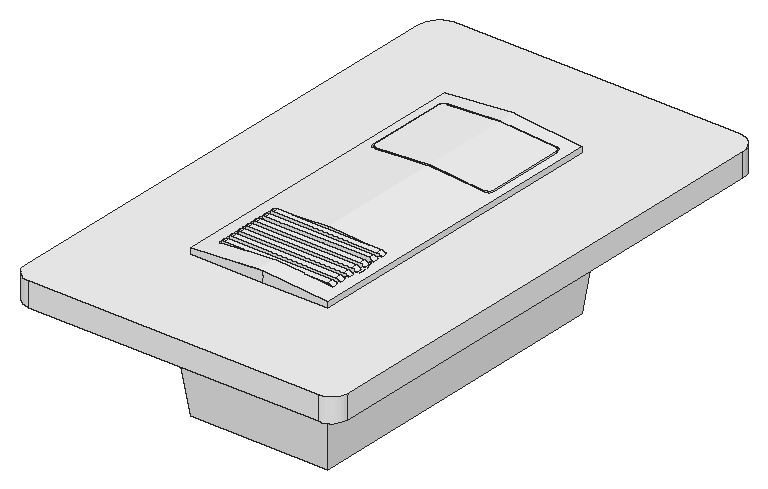
Revit family "LHMTS", category Communication Devices, host Face, Revit 2021
Family settings
  Host = Face
  Maintain Annotation Orientation = No
  Round Connector Dimension = Use Diameter
  Part Type = Normal
  OmniClass Number = 23.85.80.11.27
  OmniClass Title = Lighting Controls
  Cut with Voids When Loaded = No
  Shared = Yes
  Room Calculation Point = No
Parameters (values of type "LHMTD0-24V")
  Warranty = "5-Years Warranty"  # constant formula
  Type Comments = "LightHAWK2 Dual Technology"  # constant formula
  Standby Power = "120VAC: 0.1,277VAC: 0.1,347VAC: 0.4"  # constant formula
  Product Page URL = ""
  URL = "https://www.currentlighting.com/nxlightingcontrols"
  Product Documentation Link = ""
  Model = "Wall Switch Occupancy Sensors\r"  # constant formula
  Manufacturer = " NX Lighting Controls"  # constant formula
  Width = 2.75"
  Features = "Digital dual technology: Ultrasonic and Passive Infrared\r\n1 or 2 relay models for single-level switching or bi-level switching\r\nIntelliDAPT self-adaptive technology; no manual adjustment required\r\nOccupancy (auto-on) and Vacancy (manual-on) operating modes\r\nAvailable with or without Neutral\r\n1,000 square-foot, 180° coverage area\r\nRhinoTuff lens\r\n120/277 VAC operation\r\nNo minimum load requirement\r\nZero Arc Point Switching\r\nFive-year limited warranty\r\n"  # constant formula
  Black = Paint -  Carbon Black
  Height = 4.50"
  White = Paint -  Matte White
  Description = "LHMT sensors feature  Controls' patented IntelliDAPT™\r\ntechnology, which makes all the sensor adjustment decisions\r\nautomatically. Throughout the product’s lifespan, smart software\r\nanalyzes the controlled area and makes digital adjustments to\r\nsensitivity and timer settings. Occupancy sensors with IntelliDAPT\r\nprovide a maintenance-free, install-and-forget operation. With\r\nselectable operating modes—auto on/off or manual on/auto off—\r\nand a built-in photosensor for automatic daylight harvesting,\r\nLHMT sensors are the most capable choice in today’s marketplace"  # constant formula
  Default Elevation = 48.00"
  Copyright = "Copyright ©  NX Lighting Controls"  # constant formula
  Contact Us = ""
  Assembly Code = "D5090"
  2 = no
  1 = no
Types (13): name | 2 | 1
  (no name) | no | no
  LHMTD0-24V | no | no
  LHMTD0-G | no | no
  LHMTD0-N | no | no
  LHMTD2-24V | yes | no
  LHMTD2-G | yes | no
  LHMTD2-N | yes | no
  LHMTS0-24V | no | no
  LHMTS0-G | no | no
  LHMTS0-N | no | no
  LHMTS1-24V | no | yes
  LHMTS1-G | no | yes
  LHMTS1-N | no | yes
Reference planes (in)
  plane 1 "Center (Front/Back)": y = 13.01342
  plane 2: z = 0
  plane 3 "Center (Left/Right)": x = 0
  plane 4: x = -1.375
  plane 5: x = 1.375
  plane 6: y = 15.26342
  plane 7: y = 10.76342
  plane 8: z = -1.35
  plane 9: z = 0.3
Forms (in)
  Extrusion 1, solid, material "Paint -  Matte White" <- "White"
    sketch origin (0, 0, -0.5) x (1, 0, 0) y (0, 1, 0)
      loop
        arc (-1.17464, 15.26342) -> (-1.31632, 15.20473) -> (-1.375, 15.06306) r 0.20036
        line (-1.375, 15.06306) -> (-1.375, 10.91856)
        arc (-1.375, 10.91856) -> (-1.32956, 10.80886) -> (-1.21986, 10.76342) r 0.15514
        line (-1.21986, 10.76342) -> (1.23768, 10.76342)
        arc (1.23768, 10.76342) -> (1.33478, 10.80364) -> (1.375, 10.90074) r 0.13732
        line (1.375, 10.90074) -> (1.375, 15.08233)
        arc (1.375, 15.08233) -> (1.32196, 15.21038) -> (1.19391, 15.26342) r 0.18109
        line (1.19391, 15.26342) -> (-1.17464, 15.26342)
    from 0.6 to 0.4
  Extrusion 2, solid, material "Paint -  Matte White" <- "White"
    sketch origin (0, 0, 0) x (1, 0, 0) y (0, 1, 0)
      loop
        line (-0.61252, 14.41205) -> (-0.61252, 11.71709) -> (0, 11.71709) -> (0.55202, 11.71709) -> (0.55202, 14.41205) -> (0, 14.41205) -> (-0.61252, 14.41205)
    from 0.23534 to 0.1
  Extrusion 3, solid, material "Paint -  Matte White" <- "White", visible <- "2"
    sketch origin (0, -0.15625, -0.15625) x (1, 0, 0) y (0, 1, 0)
      loop
        arc (-0.36532, 13.31515) -> (-0.44943, 13.23104) -> (-0.36532, 13.14693) r 0.08411
        line (-0.36532, 13.14693) -> (0.36532, 13.14693)
        arc (0.36532, 13.14693) -> (0.44943, 13.23104) -> (0.36532, 13.31515) r 0.08411
        line (0.36532, 13.31515) -> (-0.36532, 13.31515)
    from 0.41734 to 0.3
  Extrusion 4, void
    sketch origin (0, 13.01342, -0.15625) x (1, 0, 0) y (0, 0, 1)
      loop
        line (-0.68234, 0.93634) -> (-0.68234, 0.33634)
        arc (-0.68234, 0.33634) -> (0.00087, 0.41153) -> (0.68408, 0.33634) r 3.14149
        line (0.68408, 0.33634) -> (0.68408, 0.93634) -> (-0.68234, 0.93634)
    from 0.45009 to -0.22916
  Extrusion 5, void
    sketch origin (0, 13.01342, 0) x (1, 0, 0) y (0, 0, 1)
      loop
        line (-0.80064, 0.50032) -> (-0.80064, 0.11093)
        arc (-0.80064, 0.11093) -> (-0.03604, 0.19217) -> (0.72866, 0.11196) r 3.66183
        line (0.72866, 0.11196) -> (0.72866, 0.50032) -> (-0.80064, 0.50032)
    from 1.29633 to -1.39863
  Extrusion 6, void
    sketch origin (0, 0, 0) x (1, 0, 0) y (0, 1, 0)
      loop
        arc (-0.4785, 14.26887) -> (-0.50959, 14.256) -> (-0.52247, 14.22491) r 0.04396
        line (-0.52247, 14.22491) -> (-0.52247, 13.56121)
        arc (-0.52247, 13.56121) -> (-0.51007, 13.53127) -> (-0.48013, 13.51887) r 0.04234
        line (-0.48013, 13.51887) -> (0.43515, 13.51887)
        arc (0.43515, 13.51887) -> (0.46512, 13.53128) -> (0.47753, 13.56125) r 0.04238
        line (0.47753, 13.56125) -> (0.47753, 14.22788)
        arc (0.47753, 14.22788) -> (0.46552, 14.25687) -> (0.43654, 14.26887) r 0.04099
        line (0.43654, 14.26887) -> (-0.4785, 14.26887)
      loop
        arc (-0.4785, 14.27887) -> (-0.51666, 14.26307) -> (-0.53247, 14.22491) r 0.05396
        line (-0.53247, 14.22491) -> (-0.53247, 13.56121)
        arc (-0.53247, 13.56121) -> (-0.51714, 13.5242) -> (-0.48013, 13.50887) r 0.05234
        line (-0.48013, 13.50887) -> (0.43515, 13.50887)
        arc (0.43515, 13.50887) -> (0.47219, 13.52421) -> (0.48753, 13.56125) r 0.05238
        line (0.48753, 13.56125) -> (0.48753, 14.22788)
        arc (0.48753, 14.22788) -> (0.4726, 14.26394) -> (0.43654, 14.27887) r 0.05099
        line (0.43654, 14.27887) -> (-0.4785, 14.27887)
    from 0.31907 to 0.14375
  Blend 7, solid, material "Paint -  Matte White" <- "White"
    base sketch origin (0, 0, 0) x (1, 0, 0) y (0, 1, 0)
      loop
        line (-0.73509, 14.56519) -> (-0.73509, 11.56519) -> (0.66835, 11.56519) -> (0.66835, 14.56519) -> (-0.73509, 14.56519)
    top sketch origin (0, 0, 0) x (1, 0, 0) y (0, 1, 0)
      loop
        line (-0.61252, 14.41205) -> (-0.61252, 11.71709) -> (0.55202, 11.71709) -> (0.55202, 14.41205) -> (-0.61252, 14.41205)
    from 0 to -1.12608
  Extrusion 8, solid, material "Paint -  Matte White" <- "White", visible <- "2"
    sketch origin (0, -0.48365, -0.15625) x (1, 0, 0) y (0, 1, 0)
      loop
        arc (-0.36532, 13.31515) -> (-0.44943, 13.23104) -> (-0.36532, 13.14693) r 0.08411
        line (-0.36532, 13.14693) -> (0.36532, 13.14693)
        arc (0.36532, 13.14693) -> (0.44943, 13.23104) -> (0.36532, 13.31515) r 0.08411
        line (0.36532, 13.31515) -> (-0.36532, 13.31515)
    from 0.41734 to 0.3
  Extrusion 9, solid, material "Paint -  Matte White" <- "White", visible <- "1"
    sketch origin (0, -0.31805, -0.15625) x (1, 0, 0) y (0, 1, 0)
      loop
        arc (-0.33407, 13.37765) -> (-0.48068, 13.23104) -> (-0.33407, 13.08443) r 0.14661
        line (-0.33407, 13.08443) -> (0.33407, 13.08443)
        arc (0.33407, 13.08443) -> (0.48068, 13.23104) -> (0.33407, 13.37765) r 0.14661
        line (0.33407, 13.37765) -> (-0.33407, 13.37765)
    from 0.41734 to 0.3
  Extrusion 10, solid, material "Paint -  Matte White" <- "White"
    sketch origin (-0.20544, 12.15494, -0.06076) x (1, 0, 0) y (0, 0, 1)
      loop
        line (-0.32566, 0.16057) -> (0.08594, 0.16057) -> (0.68073, 0.16057)
        arc (0.68073, 0.16057) -> (0.66385, 0.20745) -> (0.62096, 0.23281) r 0.07354
        arc (0.62096, 0.23281) -> (0.18246, 0.249) -> (-0.25611, 0.23492) r 6.36196
        arc (-0.25611, 0.23492) -> (-0.30556, 0.21148) -> (-0.32566, 0.16057) r 0.07451
    from 0.2657 to 0.21808
  Extrusion 11, solid, material "Paint -  Matte White" <- "White"
    sketch origin (-0.20544, 12.23954, -0.06076) x (1, 0, 0) y (0, 0, 1)
      loop
        line (-0.32566, 0.16057) -> (0.08594, 0.16057) -> (0.68073, 0.16057)
        arc (0.68073, 0.16057) -> (0.66385, 0.20745) -> (0.62096, 0.23281) r 0.07354
        arc (0.62096, 0.23281) -> (0.18246, 0.249) -> (-0.25611, 0.23492) r 6.36196
        arc (-0.25611, 0.23492) -> (-0.30556, 0.21148) -> (-0.32566, 0.16057) r 0.07451
    from 0.2657 to 0.21808
  Extrusion 12, solid, material "Paint -  Matte White" <- "White"
    sketch origin (-0.20544, 12.32413, -0.06076) x (1, 0, 0) y (0, 0, 1)
      loop
        line (-0.32566, 0.16057) -> (0.08594, 0.16057) -> (0.68073, 0.16057)
        arc (0.68073, 0.16057) -> (0.66385, 0.20745) -> (0.62096, 0.23281) r 0.07354
        arc (0.62096, 0.23281) -> (0.18246, 0.249) -> (-0.25611, 0.23492) r 6.36196
        arc (-0.25611, 0.23492) -> (-0.30556, 0.21148) -> (-0.32566, 0.16057) r 0.07451
    from 0.2657 to 0.21808
  Extrusion 13, solid, material "Paint -  Matte White" <- "White"
    sketch origin (-0.20544, 12.40872, -0.06076) x (1, 0, 0) y (0, 0, 1)
      loop
        line (-0.32566, 0.16057) -> (0.08594, 0.16057) -> (0.68073, 0.16057)
        arc (0.68073, 0.16057) -> (0.66385, 0.20745) -> (0.62096, 0.23281) r 0.07354
        arc (0.62096, 0.23281) -> (0.18246, 0.249) -> (-0.25611, 0.23492) r 6.36196
        arc (-0.25611, 0.23492) -> (-0.30556, 0.21148) -> (-0.32566, 0.16057) r 0.07451
    from 0.2657 to 0.21808
  Extrusion 14, solid, material "Paint -  Matte White" <- "White"
    sketch origin (-0.20544, 12.49332, -0.06076) x (1, 0, 0) y (0, 0, 1)
      loop
        line (-0.32566, 0.16057) -> (0.08594, 0.16057) -> (0.68073, 0.16057)
        arc (0.68073, 0.16057) -> (0.66385, 0.20745) -> (0.62096, 0.23281) r 0.07354
        arc (0.62096, 0.23281) -> (0.18246, 0.249) -> (-0.25611, 0.23492) r 6.36196
        arc (-0.25611, 0.23492) -> (-0.30556, 0.21148) -> (-0.32566, 0.16057) r 0.07451
    from 0.2657 to 0.21808
  Extrusion 15, solid, material "Paint -  Matte White" <- "White"
    sketch origin (-0.20544, 12.58844, -0.06076) x (1, 0, 0) y (0, 0, 1)
      loop
        line (-0.32566, 0.16057) -> (0.08594, 0.16057) -> (0.68073, 0.16057)
        arc (0.68073, 0.16057) -> (0.66385, 0.20745) -> (0.62096, 0.23281) r 0.07354
        arc (0.62096, 0.23281) -> (0.18246, 0.249) -> (-0.25611, 0.23492) r 6.36196
        arc (-0.25611, 0.23492) -> (-0.30556, 0.21148) -> (-0.32566, 0.16057) r 0.07451
    from 0.2657 to 0.21808
  Extrusion 16, solid, material "Paint -  Matte White" <- "White"
    sketch origin (-0.20544, 12.67303, -0.06076) x (1, 0, 0) y (0, 0, 1)
      loop
        line (-0.32566, 0.16057) -> (0.08594, 0.16057) -> (0.68073, 0.16057)
        arc (0.68073, 0.16057) -> (0.66385, 0.20745) -> (0.62096, 0.23281) r 0.07354
        arc (0.62096, 0.23281) -> (0.18246, 0.249) -> (-0.25611, 0.23492) r 6.36196
        arc (-0.25611, 0.23492) -> (-0.30556, 0.21148) -> (-0.32566, 0.16057) r 0.07451
    from 0.2657 to 0.21808
  Extrusion 17, solid, material "Paint -  Carbon Black" <- "Black"
    sketch origin (0, 0, 0) x (1, 0, 0) y (0, 1, 0)
      loop
        circle (-0.28512, 12.19064) r 0.25
      loop
        circle (0.22429, 12.19064) r 0.25
      loop
        circle (-0.28512, 12.19064) r 0.24
      loop
        circle (0.22429, 12.19064) r 0.24
    from 0.14612 to 0
  Extrusion 18, void
    sketch origin (0, 0, 0) x (1, 0, 0) y (0, 1, 0)
      loop
        line (-0.49632, 12.45495) -> (-0.49632, 11.88449) -> (0.45152, 11.88449) -> (0.45152, 12.45495) -> (-0.49632, 12.45495)
    from 0.8 to 0.1257
Cuts and joins
  Extrusion 4 cuts Extrusion 3
  Extrusion 5 cuts Extrusion 1
  Extrusion 5, Extrusion 6, Extrusion 18 cuts Extrusion 2
  joined: Extrusion 1, Extrusion 2
  Extrusion 4 cuts Extrusion 8
  Extrusion 4 cuts Extrusion 9
Dimensions and locks (in)
  plane 2 to plane 8 = 1.35"
  "Width": plane 4 to plane 5
  equal spacing: plane 4, plane 3 "Center (Left/Right)", plane 5
  "Height": plane 7 to plane 6
  equal spacing: plane 7, plane 1 "Center (Front/Back)", plane 6
  plane 9 to plane 8 = 1.65"
  aligned and locked: plane 2 to host face
  aligned and locked: level to host face
Automatic sketch dimensions
  host sketch curve to host sketch curve = 96.00"  (x2)
  Extrusion 1 sketch curve to plane 4 = 0.00"
  plane 7 to Extrusion 1 sketch curve = 0.00"
  plane 6 to Extrusion 1 sketch curve = 0.00"
  Extrusion 1 sketch curve to plane 5 = 0.00"
  plane 4 to Extrusion 1 sketch curve = 0.15514"
  plane 4 to Extrusion 1 sketch curve = 0.20036"
  Extrusion 1 sketch curve to Extrusion 1 sketch curve = 0.18109"
  Extrusion 1 sketch curve to plane 5 = 0.13732"
  Extrusion 2 sketch curve to plane 3 "Center (Left/Right)" = 0.00"  (x2)
  Extrusion 2 sketch curve to plane 3 "Center (Left/Right)" = 0.61252"
  Extrusion 2 sketch curve to Extrusion 2 sketch curve = 0.55202"
  Extrusion 2 sketch curve to plane 7 = 0.95367"
  plane 6 to Extrusion 2 sketch curve = 0.85137"
  Extrusion 3 sketch curve to plane 1 "Center (Front/Back)" = 0.14548"
  Extrusion 3 sketch curve to plane 3 "Center (Left/Right)" = 0.36532"
  plane 1 "Center (Front/Back)" to Extrusion 3 sketch curve = 0.02274"
  plane 3 "Center (Left/Right)" to Extrusion 3 sketch curve = 0.36532"
  plane 9 to Extrusion 4 sketch curve = 0.11991"
  Extrusion 4 sketch curve to plane 3 "Center (Left/Right)" = 0.68234"
  plane 3 "Center (Left/Right)" to Extrusion 4 sketch curve = 0.00087"
  plane 3 "Center (Left/Right)" to Extrusion 4 sketch curve = 0.68408"
  plane 8 to Extrusion 4 sketch curve = 1.53622"
  Extrusion 4 sketch curve to plane 9 = 0.48009"
  Extrusion 4 sketch curve to Extrusion 4 sketch curve = 0.00"
  level to Extrusion 5 sketch curve = 0.11093"
  plane 4 to Extrusion 5 sketch curve = 0.57436"
  Extrusion 5 sketch curve to plane 3 "Center (Left/Right)" = 0.03357"
  level to Extrusion 5 sketch curve = 0.11196"
  plane 3 "Center (Left/Right)" to Extrusion 5 sketch curve = 0.72866"
  Extrusion 5 sketch curve to plane 9 = 0.20032"
  Extrusion 6 sketch curve to Extrusion 6 sketch curve = 0.00"  (x8)
  Extrusion 6 sketch curve to plane 3 "Center (Left/Right)" = 0.53247"
  Extrusion 6 sketch curve to Extrusion 6 sketch curve = 0.01"
  Extrusion 6 sketch curve to Extrusion 6 sketch curve = 0.04234"
  Extrusion 6 sketch curve to Extrusion 6 sketch curve = 0.04396"
  plane 3 "Center (Left/Right)" to Extrusion 6 sketch curve = 0.43515"
  plane 3 "Center (Left/Right)" to Extrusion 6 sketch curve = 0.43654"
  Extrusion 6 sketch curve to Extrusion 6 sketch curve = 0.04238"
  Extrusion 6 sketch curve to plane 1 "Center (Front/Back)" = 0.49545"
  Extrusion 6 sketch curve to Extrusion 6 sketch curve = 0.66369"
  plane 4 to Blend 7 sketch curve = 0.63991"
  plane 3 "Center (Left/Right)" to Blend 7 sketch curve = 0.66835"
  Blend 7 sketch curve to plane 7 = 0.80177"
  plane 6 to Blend 7 sketch curve = 0.69823"
  Blend 7 sketch curve to plane 3 "Center (Left/Right)" = 0.61252"
  plane 3 "Center (Left/Right)" to Blend 7 sketch curve = 0.55202"
  Blend 7 sketch curve to plane 7 = 0.95367"
  plane 6 to Blend 7 sketch curve = 0.85137"
  plane 1 "Center (Front/Back)" to Extrusion 8 sketch curve = 0.18192"
  Extrusion 8 sketch curve to plane 3 "Center (Left/Right)" = 0.36532"
  plane 3 "Center (Left/Right)" to Extrusion 8 sketch curve = 0.36532"
  Extrusion 8 sketch curve to Extrusion 8 sketch curve = 0.08411"
  Extrusion 9 sketch curve to plane 1 "Center (Front/Back)" = 0.04618"
  Extrusion 9 sketch curve to plane 3 "Center (Left/Right)" = 0.33407"
  plane 1 "Center (Front/Back)" to Extrusion 9 sketch curve = 0.24704"
  plane 3 "Center (Left/Right)" to Extrusion 9 sketch curve = 0.33407"
  level to Extrusion 10 sketch curve = 0.09982"
  Extrusion 10 sketch curve to plane 3 "Center (Left/Right)" = 0.5311"
  Extrusion 10 sketch curve to Extrusion 10 sketch curve = 0.07451"
  Extrusion 10 sketch curve to plane 3 "Center (Left/Right)" = 0.1195"
  Extrusion 10 sketch curve to plane 3 "Center (Left/Right)" = 0.03822"
  plane 3 "Center (Left/Right)" to Extrusion 10 sketch curve = 0.40175"
  Extrusion 10 sketch curve to Extrusion 10 sketch curve = 0.07354"
  plane 8 to Extrusion 10 sketch curve = 4.8237"
  Extrusion 10 sketch curve to Extrusion 10 sketch curve = 0.00"
  level to Extrusion 11 sketch curve = 0.09982"
  Extrusion 11 sketch curve to plane 3 "Center (Left/Right)" = 0.5311"
  Extrusion 11 sketch curve to Extrusion 11 sketch curve = 0.07451"
  Extrusion 11 sketch curve to plane 3 "Center (Left/Right)" = 0.1195"
  Extrusion 11 sketch curve to plane 3 "Center (Left/Right)" = 0.03822"
  plane 3 "Center (Left/Right)" to Extrusion 11 sketch curve = 0.40175"
  Extrusion 11 sketch curve to Extrusion 11 sketch curve = 0.07354"
  plane 8 to Extrusion 11 sketch curve = 4.8237"
  Extrusion 11 sketch curve to Extrusion 11 sketch curve = 0.00"
  level to Extrusion 12 sketch curve = 0.09982"
  Extrusion 12 sketch curve to plane 3 "Center (Left/Right)" = 0.5311"
  Extrusion 12 sketch curve to Extrusion 12 sketch curve = 0.07451"
  Extrusion 12 sketch curve to plane 3 "Center (Left/Right)" = 0.1195"
  Extrusion 12 sketch curve to plane 3 "Center (Left/Right)" = 0.03822"
  plane 3 "Center (Left/Right)" to Extrusion 12 sketch curve = 0.40175"
  Extrusion 12 sketch curve to Extrusion 12 sketch curve = 0.07354"
  plane 8 to Extrusion 12 sketch curve = 4.8237"
  Extrusion 12 sketch curve to Extrusion 12 sketch curve = 0.00"
  level to Extrusion 13 sketch curve = 0.09982"
  Extrusion 13 sketch curve to plane 3 "Center (Left/Right)" = 0.5311"
  Extrusion 13 sketch curve to Extrusion 13 sketch curve = 0.07451"
  Extrusion 13 sketch curve to plane 3 "Center (Left/Right)" = 0.1195"
  Extrusion 13 sketch curve to plane 3 "Center (Left/Right)" = 0.03822"
  plane 3 "Center (Left/Right)" to Extrusion 13 sketch curve = 0.40175"
  Extrusion 13 sketch curve to Extrusion 13 sketch curve = 0.07354"
  plane 8 to Extrusion 13 sketch curve = 4.8237"
  Extrusion 13 sketch curve to Extrusion 13 sketch curve = 0.00"
  level to Extrusion 14 sketch curve = 0.09982"
  Extrusion 14 sketch curve to plane 3 "Center (Left/Right)" = 0.5311"
  Extrusion 14 sketch curve to Extrusion 14 sketch curve = 0.07451"
  Extrusion 14 sketch curve to plane 3 "Center (Left/Right)" = 0.1195"
  Extrusion 14 sketch curve to plane 3 "Center (Left/Right)" = 0.03822"
  plane 3 "Center (Left/Right)" to Extrusion 14 sketch curve = 0.40175"
  Extrusion 14 sketch curve to Extrusion 14 sketch curve = 0.07354"
  plane 8 to Extrusion 14 sketch curve = 4.8237"
  Extrusion 14 sketch curve to Extrusion 14 sketch curve = 0.00"
  level to Extrusion 15 sketch curve = 0.09982"
  Extrusion 15 sketch curve to plane 3 "Center (Left/Right)" = 0.5311"
  Extrusion 15 sketch curve to Extrusion 15 sketch curve = 0.07451"
  Extrusion 15 sketch curve to plane 3 "Center (Left/Right)" = 0.1195"
  Extrusion 15 sketch curve to plane 3 "Center (Left/Right)" = 0.03822"
  plane 3 "Center (Left/Right)" to Extrusion 15 sketch curve = 0.40175"
  Extrusion 15 sketch curve to Extrusion 15 sketch curve = 0.07354"
  plane 8 to Extrusion 15 sketch curve = 4.8237"
  Extrusion 15 sketch curve to Extrusion 15 sketch curve = 0.00"
  level to Extrusion 16 sketch curve = 0.09982"
  Extrusion 16 sketch curve to plane 3 "Center (Left/Right)" = 0.5311"
  Extrusion 16 sketch curve to Extrusion 16 sketch curve = 0.07451"
  Extrusion 16 sketch curve to plane 3 "Center (Left/Right)" = 0.1195"
  Extrusion 16 sketch curve to plane 3 "Center (Left/Right)" = 0.03822"
  plane 3 "Center (Left/Right)" to Extrusion 16 sketch curve = 0.40175"
  Extrusion 16 sketch curve to Extrusion 16 sketch curve = 0.07354"
  plane 8 to Extrusion 16 sketch curve = 4.8237"
  Extrusion 16 sketch curve to Extrusion 16 sketch curve = 0.00"
  Extrusion 17 sketch curve to Extrusion 17 sketch curve = 0.00"  (x5)
  Extrusion 17 sketch curve to plane 3 "Center (Left/Right)" = 0.28512"
  plane 3 "Center (Left/Right)" to Extrusion 17 sketch curve = 0.22429"
  plane 1 "Center (Front/Back)" to Extrusion 17 sketch curve = 0.82277"
  Extrusion 18 sketch curve to plane 3 "Center (Left/Right)" = 0.49632"
  plane 3 "Center (Left/Right)" to Extrusion 18 sketch curve = 0.45152"
  Extrusion 18 sketch curve to plane 7 = 1.12107"
  plane 1 "Center (Front/Back)" to Extrusion 18 sketch curve = 0.55847"
  radius of Extrusion 17 sketch curve = 0.25"  (x2)
  radius of Extrusion 17 sketch curve = 0.24"  (x2)
Connectors (in)
  electrical at (0.00464, 13.0023, 0.1)
    settings: on cut or joined group of Extrusion 1, Extrusion 2, Extrusion 5, Extrusion 6, Extrusion 18, index 1, voltage 0 V, apparent load 0 VA, apparent load phase1 0 VA, apparent load phase2 0 VA, apparent load phase3 0 VA, power factor 1, load classification "Other", number of poles 1, system type 14, power factor state 1, is connector primary yes, connector utility no, sub classification motor no, connector description "Wall Switch Occupancy Sensors"
